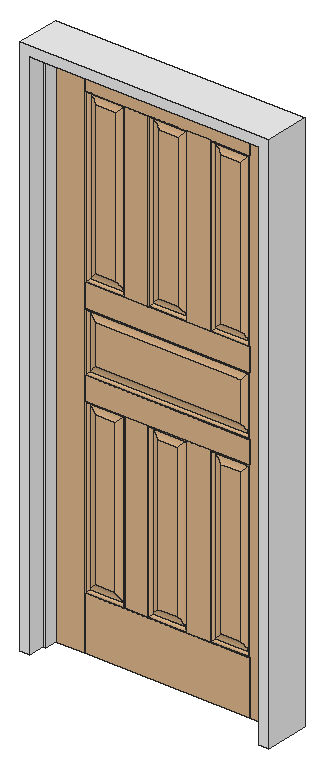
Revit family
Parameters (values of type "1 3/8" Raised Panel")
  URL = "http://www.karonadoor.com"
  Thickness Note = "Do not edit thickness."  # constant formula
  Thickness = 1.334"
  Swing Angle 2D = 90.00°
  SmartBIM Object Version = 1  # constant formula
  SmartBIM Object Created By = "Reed Construction Data"  # constant formula
  Rough Width = 0.000"
  Rough Height = 0.000"
  Panel = Panel_K3070_Karona : 1 3/8" - Raised Panel
  Model = "K3070 Ovolo"  # constant formula
  Manufacturer = "Karona , Inc."  # constant formula
  Detail Door Thickness = 1.375"
  Assembly Code = ""
  Top Rail Height = 5.000"
  Top Rail = Wood, Cherry - Grain Horizontal
  Stile Width = 5.063"
  Stile = Wood, Cherry - Grain Vertical
  Sticking = Wood, Cherry - Grain Vertical
  Middle Rail = Wood, Cherry - Grain Horizontal
  Height = 84.000"
  Wall Closure = (empty or 0)
  Width = 36.000"
  Frame = Metal
  Bottom Rail Height = 8.500"
  Bottom Rail = Wood, Cherry - Grain Horizontal
  95 CSI = "08210"  # constant formula
  04 CSI = "08 14 33"  # constant formula
Types (9): name | Thickness | Rough Height | Panel | Detail Door Thickness
  1 3/4" Flat Panel | 1.774" | 1.750" | Panel_K3070_Karona : 1 3/4" - Flat Panel | 1.750"
  1 3/8" Flat Panel | 1.334" | 0.000" | Panel_K3070_Karona : 1 3/8" - Flat Panel | 1.375"
  2 1/4" Flat Panel | 2.250" | 0.000" | Panel_K3070_Karona : 2 1/4" - Flat Panel | 2.250"
  1 3/4" Glass Panel | 1.774" | 1.750" | Panel_K3070_Karona : 1 3/4" - Glass Panel | 1.750"
  1 3/8" Glass Panel | 1.334" | 0.000" | Panel_K3070_Karona : 1 3/8" - Glass Panel | 1.375"
  2 1/4" Glass Panel | 2.250" | 0.000" | Panel_K3070_Karona : 2 1/4" - Glass Panel | 2.250"
  1 3/4" Raised Panel | 1.774" | 1.750" | Panel_K3070_Karona : 1 3/4" - Raised Panel | 1.750"
  1 3/8" Raised Panel | 1.334" | 0.000" | Panel_K3070_Karona : 1 3/8" - Raised Panel | 1.375"
  2 1/4" Raised Panel | 2.250" | 0.000" | Panel_K3070_Karona : 2 1/4" - Raised Panel | 2.250"
Reference planes (in)
  plane 1 "Center (Front/Back)": y = 0
  plane 2 "Center (Left/Right)": x = 0
  plane 3 "Left": x = -18
  plane 4 "Right": x = 18
  plane 5 "Top": z = 84
  plane 6 "Exterior Edge of Frame": y = 3.5
  plane 7 "Interior Edge of Frame": y = -3.5
  plane 8: y = 1
  plane 9: y = -1
  plane 10 "Opening Left": x = -19.5
  plane 11 "Opening Right": x = 19.5
  plane 12 "Top of Opening": z = 85.5
  plane 13: x = -17.5
Forms (in)
  Sweep 1, solid, material "Metal" <- "Frame"
    path origin (0, 0, 0) x (1, 0, 0) y (0, 0, 1)
      loop
        line (-19.5, 0) -> (-19.5, 85.5) -> (19.5, 85.5) -> (19.5, 0)
    profile origin (-19.5, 0, 42.75) x (-1, 0, 0) y (0, -1, 0)
      loop
        line (0, -3.5) -> (0, 3.5) -> (-1.5, 3.5) -> (-1.5, 1) -> (-2, 1) -> (-2, -1) -> (-1.5, -1) -> (-1.5, -3.5) -> (0, -3.5)
Lines and regions (in)
  Opening 1
    outline origin (-90, -3, 0) x (1, 0, 0) y (0, 0, 1)
      loop
        line (70.5, 0) -> (109.5, 0) -> (109.5, 85.5) -> (70.5, 85.5) -> (70.5, 0)
  symbolic lines, style "Elevation Swing"
    curve 1: line (18, 3, 0) -> (-18, 3, 42)
    curve 2: line (-18, 3, 42) -> (18, 3, 84)
Text (in)
  text "Exterior" at (-46.13199, 20.20143, 0), in view "Ref. Level"
  text "Interior" at (-46.13199, -10.56751, 0), in view "Ref. Level"
  text "Exterior" at (0, 40.15149, 123.01588), in view "Right"
  text "Interior" at (0, -64.39139, 123.01588), in view "Right"
  text "Interior" at (0, -31.01599, 123.00693), in view "Left"
  text "Exterior" at (0, 54.57065, 123.00693), in view "Left"
Dimensions and locks (in)
  "Height": level to plane 5 "Top"
  "Width": plane 3 "Left" to plane 4 "Right"
  equal spacing: host wall, curve 2, plane 5 "Top"
  locked: host wall to plane 7 "Interior Edge of Frame" at 0.5
  locked: plane 6 "Exterior Edge of Frame" to host wall at 0.5
  locked: plane 9 to plane 7 "Interior Edge of Frame" at 2.5
  locked: plane 6 "Exterior Edge of Frame" to plane 8 at 2.5
  equal spacing: plane 3 "Left", plane 2 "Center (Left/Right)", plane 4 "Right"
  locked: plane 4 "Right" to plane 11 "Opening Right" at 1.5
  locked: plane 5 "Top" to plane 12 "Top of Opening" at 1.5
  locked: plane 3 "Left" to plane 13 at 0.5
  locked: plane 10 "Opening Left" to plane 3 "Left" at 1.5
  aligned and locked: Opening 1 sketch curve to level
  aligned and locked: plane 4 "Right" to curve 1
  aligned and locked: plane 3 "Left" to curve 1
  aligned and locked: plane 5 "Top" to curve 2
  aligned and locked: Opening 1 sketch curve to plane 11 "Opening Right"
  aligned and locked: plane 12 "Top of Opening" to Opening 1 sketch curve
  aligned and locked: Opening 1 sketch curve to plane 10 "Opening Left"
  aligned and locked: plane 10 "Opening Left" to Sweep 1 sketch curve
  aligned and locked: plane 12 "Top of Opening" to Sweep 1 sketch curve
  aligned and locked: plane 11 "Opening Right" to Sweep 1 sketch curve
  aligned and locked: level to Sweep 1 sketch curve  (x2)
  aligned and locked: Sweep 1 sketch curve to plane 10 "Opening Left"
  aligned and locked: Sweep 1 sketch curve to plane 6 "Exterior Edge of Frame"
  aligned and locked: Sweep 1 sketch curve to plane 7 "Interior Edge of Frame"
  aligned and locked: Sweep 1 sketch curve to plane 8
  aligned and locked: Sweep 1 sketch curve to plane 9
  aligned and locked: plane 13 to Sweep 1 sketch curve
  aligned and locked: plane 3 "Left" to Sweep 1 sketch curve  (x2)
  aligned and locked: nested 1 to plane 2 "Center (Left/Right)"
  aligned and locked: nested 1 to plane 8
  aligned and locked: nested 2 to plane 3 "Left"
  aligned and locked: nested 2 to plane 8
Automatic sketch dimensions
  curve 1 to level = 0.000"
  curve 2 to plane 4 "Right" = 0.000"
Nested families (in)
  nested 1: "Panel_K3070_Karona" at (-13.5, 0.5595, 3.25) x (-1, 0, 0) z (0, 0, 1), type <- "Panel", type "1 3/8" - Raised Panel"
  nested 2: "Door Panel Plan View" at (-31.5, 1, 0) x (-1, 0, 0) z (0, 0, 1), type "Door Panel Plan View"
    with Thickness 1.375", Height 84.000"
Definition of nested family "Panel_K3070_Karona"
  Parameters (values of type "1 3/8" - Glass Panel")
    Width = 36.000"
    Top Rail Material = Wood, Cherry - Grain Horizontal
    Top Rail Height = 5.000"
    Top Panel Offset = Top Rail Height + Half Panel Height  # 18.4375"
    Thickness Note = "Do not change door thickness"  # constant formula
    Thickness = 1.334"
    Stile Width = 5.063"
    Stile Material = Wood, Cherry - Grain Vertical
    Sticking Material = Wood, Cherry - Grain Vertical
    Rough Height = 29.875"
    Panel Width = (Width - (2 * Stile Width) - (2 * Mullion Width)) / 3  # 6.208"
    Panel Height = Height - (Bottom Height + Mullion Width + Middle Panel Height + Mullion Width + Top Rail Height)  # 26.875"
    Panel = Glass-Sticking-Assembly-Ovolo_Karona : Glass Panel
    Mullion Width = 3.625"  # constant formula
    Middle Panel Width = Width - 2 * Stile Width  # 25.874"
    Middle Panel Height = 9.375"  # constant formula
    Interior Panel = Glass
    Height = 84.000"
    Half Panel Width = 0.5 * Panel Width  # 3.104"
    Half Panel Height = 0.5 * Panel Height  # 13.4375"
    Exterior Edge - Glass Bottom Offset = if(Thickness = 1.774", 0.567", if(Thickness = 2.250", 0.803", 0.469"))  # 0.469"
    Door Panel Material = Wood, Cherry - Grain Vertical
    Default Elevation = 0.000"  # constant formula
    Cross Rail and Panel Spacing Start = Half Panel Height + 0.5 * (3.625")  # 15.250"
    Cross Rail Panel Height = Panel Height + 3.625"  # 30.500"
    Bottom Rail Material = Wood, Cherry - Grain Horizontal
    Bottom Rail Height = 8.500"
    Bottom Panel Height = Bottom Height - Bottom Rail Height  # 27.000"
    Bottom Height = 35.500"
    Assembly Code = ""
  Types (9): name | Thickness | Panel | Interior Panel | Exterior Edge - Glass Bottom Offset
    2 1/4" - Flat Panel | 2.250" | Glass-Sticking-Assembly-Ovolo_Karona : Flat Panel | Wood, Cherry - Grain Vertical | 0.803"
    2 1/4" - Glass Panel | 2.250" | Glass-Sticking-Assembly-Ovolo_Karona : Glass Panel | Glass | 0.803"
    2 1/4" - Raised Panel | 2.250" | Glass-Sticking-Assembly-Ovolo_Karona : Raised Panel | Wood, Cherry - Grain Vertical | 0.803"
    1 3/4" - Raised Panel | 1.774" | Glass-Sticking-Assembly-Ovolo_Karona : Raised Panel | Wood, Cherry - Grain Vertical | 0.567"
    1 3/4" - Flat Panel | 1.774" | Glass-Sticking-Assembly-Ovolo_Karona : Flat Panel | Wood, Cherry - Grain Vertical | 0.567"
    1 3/4" - Glass Panel | 1.774" | Glass-Sticking-Assembly-Ovolo_Karona : Glass Panel | Glass | 0.567"
    1 3/8" - Raised Panel | 1.334" | Glass-Sticking-Assembly-Ovolo_Karona : Raised Panel | Wood, Cherry - Grain Vertical | 0.469"
    1 3/8" - Glass Panel | 1.334" | Glass-Sticking-Assembly-Ovolo_Karona : Glass Panel | Glass | 0.469"
    1 3/8" - Flat Panel | 1.334" | Glass-Sticking-Assembly-Ovolo_Karona : Flat Panel | Wood, Cherry - Grain Vertical | 0.469"
  Reference planes (in)
    plane 1 "Center (Front/Back)": y = 1.1075
    plane 2: z = -3.25
    plane 3 "Center (Left/Right)": x = -13.5
    plane 4 "Left": x = -31.5
    plane 5: x = 4.5
    plane 6 "Inner Left": x = -26.437
    plane 7 "Inner Right": x = -0.563
    plane 8: z = 5.25
    plane 9 "Bottom Of Top Rail": z = 75.75
    plane 10 "Top": z = 80.75
    plane 11 "Interior Edge of Door": y = 1.7745
    plane 12: z = 75.75
    plane 13 "Exterior Edge of Door": y = 0.4405
    plane 14 "Bottom of Glass": y = 0.9095
    plane 15 "Left Panel Vertical Midline": x = -23.333
    plane 16 "Right Panel Vertical Midline": x = -3.667
    plane 17 "Center of Left Vertical Mullion": x = -18.4165
    plane 18 "Center of Right Vertical Mullion": x = -8.5835
    plane 19: z = 48.875
    plane 20: z = 32.25
    plane 21: z = 45.25
    plane 22: z = 62.3125
    plane 23: z = 18.75
    plane 24: z = 35.875
    plane 25: z = 40.5625
  Forms (in)
    Extrusion 1, solid, material "Wood, Cherry - Grain Horizontal" <- "Bottom Rail Material"
      sketch origin (0, -101.3125, 0) x (1, 0, 0) y (0, 0, 1)
        loop
          line (-26.437, -3.25) -> (-0.563, -3.25) -> (-0.563, 5.25) -> (-26.437, 5.25) -> (-26.437, -3.25)
      from -103.087 to -101.753
    Extrusion 2, solid, material "Wood, Cherry - Grain Vertical" <- "Stile Material"
      sketch origin (0, 1.1075, 0) x (1, 0, 0) y (0, 0, 1)
        loop
          line (-31.5, 80.75) -> (-31.5, -3.25) -> (-26.437, -3.25) -> (-26.437, 80.75) -> (-31.5, 80.75)
        loop
          line (-0.563, -3.25) -> (4.5, -3.25) -> (4.5, 80.75) -> (-0.563, 80.75) -> (-0.563, -3.25)
      from -0.667 to 0.667
    Extrusion 3, solid, material "Wood, Cherry - Grain Horizontal" <- "Top Rail Material"
      sketch origin (0, 1.1075, 0) x (1, 0, 0) y (0, 0, 1)
        loop
          line (-26.437, 80.75) -> (-26.437, 75.75) -> (-0.563, 75.75) -> (-0.563, 80.75) -> (-26.437, 80.75)
      from -0.667 to 0.667
    Extrusion 4, solid, material "Wood, Cherry - Grain Vertical" <- "Stile Material"
      sketch origin (0, 1.1075, 0) x (1, 0, 0) y (0, 0, 1)
        loop
          line (-20.229, 5.25) -> (-16.604, 5.25) -> (-16.604, 32.25) -> (-20.229, 32.25) -> (-20.229, 5.25)
        loop
          line (-20.229, 75.75) -> (-20.229, 48.875) -> (-16.604, 48.875) -> (-16.604, 75.75) -> (-20.229, 75.75)
        loop
          line (-10.396, 5.25) -> (-6.771, 5.25) -> (-6.771, 32.25) -> (-10.396, 32.25) -> (-10.396, 5.25)
        loop
          line (-10.396, 75.75) -> (-10.396, 48.875) -> (-6.771, 48.875) -> (-6.771, 75.75) -> (-10.396, 75.75)
      from -0.667 to 0.667
    Extrusion 5, solid, material "Wood, Cherry - Grain Horizontal" <- "Top Rail Material"
      sketch origin (0, 1.1075, 0) x (1, 0, 0) y (0, 0, 1)
        loop
          line (-0.563, 32.249) -> (-0.563, 35.875) -> (-26.437, 35.875) -> (-26.437, 32.249) -> (-0.563, 32.249)
        loop
          line (-0.563, 45.25) -> (-0.563, 48.876) -> (-26.437, 48.876) -> (-26.437, 45.25) -> (-0.563, 45.25)
      from -0.667 to 0.667
  Text (in)
    text "EXTERIOR" at (-34.59289, -1.27941, 0), in view "Ref. Level"
    text "EXTERIOR" at (0, -9.65287, 72.76687), in view "Left"
    text "EXTERIOR" at (0, -33.33473, 96.68074), in view "Right"
  Dimensions and locks (in)
    equal spacing: plane 4 "Left", plane 3 "Center (Left/Right)", plane 5
    "Width": plane 4 "Left" to plane 5
    "Stile Width": plane 4 "Left" to plane 6 "Inner Left"
    "Stile Width": plane 5 to plane 7 "Inner Right"
    "Bottom Rail Height": plane 8 to plane 2
    "Top Rail Height": plane 10 "Top" to plane 9 "Bottom Of Top Rail"
    "Height": plane 10 "Top" to plane 2
    equal spacing: plane 11 "Interior Edge of Door", plane 1 "Center (Front/Back)", plane 13 "Exterior Edge of Door"
    "Thickness": plane 11 "Interior Edge of Door" to plane 13 "Exterior Edge of Door"
    "Exterior Edge - Glass Bottom Offset": plane 14 "Bottom of Glass" to plane 13 "Exterior Edge of Door"
    "Exterior Edge - Glass Bottom Offset": plane 13 "Exterior Edge of Door" to plane 14 "Bottom of Glass"
    "Half Panel Width": plane 15 "Left Panel Vertical Midline" to plane 6 "Inner Left"
    "Half Panel Width": plane 7 "Inner Right" to plane 16 "Right Panel Vertical Midline"
    equal spacing: plane 3 "Center (Left/Right)", plane 17 "Center of Left Vertical Mullion", plane 15 "Left Panel Vertical Midline"
    locked: Extrusion 4 sketch curve to plane 17 "Center of Left Vertical Mullion" at 1.8125
    equal spacing: plane 16 "Right Panel Vertical Midline", plane 18 "Center of Right Vertical Mullion", plane 3 "Center (Left/Right)"
    locked: Extrusion 4 sketch curve to plane 18 "Center of Right Vertical Mullion" at 1.8125
    Extrusion 5 sketch curve to Extrusion 5 sketch curve = 3.626"  (x2)
    locked: Extrusion 5 sketch curve to Extrusion 5 sketch curve at 3.626  (x2)
    equal spacing: plane 12, plane 22, plane 19
    "Mullion Width": plane 24 to plane 20
    "Mullion Width": plane 19 to plane 21
    equal spacing: plane 21, plane 25, plane 24
    "Panel Height": plane 12 to plane 19
    plane 19 to level = 52.125"
    "Bottom Panel Height": plane 20 to plane 8
    equal spacing: plane 20, plane 23, plane 8
    aligned and locked: Extrusion 1 to plane 2
    aligned and locked: plane 11 "Interior Edge of Door" to Extrusion 1
    aligned and locked: plane 4 "Left" to Extrusion 2 sketch curve
    aligned and locked: Extrusion 2 sketch curve to plane 10 "Top"
    aligned and locked: Extrusion 2 sketch curve to Extrusion 1  (x3)
    aligned and locked: Extrusion 1 to Extrusion 2 sketch curve
    aligned and locked: plane 10 "Top" to Extrusion 2 sketch curve
    aligned and locked: plane 5 to Extrusion 2 sketch curve
    aligned and locked: plane 11 "Interior Edge of Door" to Extrusion 2
    aligned and locked: Extrusion 2 to Extrusion 3 sketch curve
    aligned and locked: Extrusion 3 sketch curve to Extrusion 2
    aligned and locked: plane 11 "Interior Edge of Door" to Extrusion 3
    aligned and locked: plane 12 to plane 9 "Bottom Of Top Rail"
    aligned and locked: Extrusion 3 to plane 13 "Exterior Edge of Door"
    aligned and locked: Extrusion 3 to plane 11 "Interior Edge of Door"
    aligned and locked: Extrusion 2 to plane 13 "Exterior Edge of Door"
    aligned and locked: Extrusion 3 to plane 12
    aligned and locked: Extrusion 1 to Extrusion 2
    aligned and locked: nested 1 to plane 1 "Center (Front/Back)"
    aligned and locked: Extrusion 4 sketch curve to plane 12  (x2)
    aligned and locked: Extrusion 4 sketch curve to plane 8  (x2)
    aligned and locked: plane 11 "Interior Edge of Door" to Extrusion 4
    aligned and locked: Extrusion 4 to plane 13 "Exterior Edge of Door"
    aligned and locked: plane 11 "Interior Edge of Door" to Extrusion 5
    aligned and locked: Extrusion 5 to plane 13 "Exterior Edge of Door"
    aligned and locked: plane 15 "Left Panel Vertical Midline" to nested 1
    aligned and locked: nested 2 to plane 15 "Left Panel Vertical Midline"
    aligned and locked: plane 3 "Center (Left/Right)" to nested 3
    aligned and locked: plane 16 "Right Panel Vertical Midline" to nested 4
    aligned and locked: plane 3 "Center (Left/Right)" to nested 5
    aligned and locked: nested 6 to plane 16 "Right Panel Vertical Midline"
    aligned and locked: plane 22 to nested 1
    aligned and locked: plane 22 to nested 3
    aligned and locked: plane 22 to nested 4
    aligned and locked: Extrusion 4 sketch curve to plane 19
    aligned and locked: plane 19 to Extrusion 4 sketch curve
    aligned and locked: Extrusion 4 sketch curve to plane 20  (x2)
    aligned and locked: plane 21 to Extrusion 5
    aligned and locked: plane 3 "Center (Left/Right)" to nested 7
    aligned and locked: Extrusion 5 sketch curve to plane 24
    aligned and locked: level to plane 2
    aligned and locked: plane 25 to nested 7
    aligned and locked: plane 23 to nested 5
    aligned and locked: plane 23 to nested 2
    aligned and locked: nested 7 to plane 1 "Center (Front/Back)"
    aligned and locked: nested 2 to plane 14 "Bottom of Glass"
    aligned and locked: nested 5 to plane 14 "Bottom of Glass"
    aligned and locked: nested 6 to plane 14 "Bottom of Glass"
    aligned and locked: plane 23 to nested 6
  Automatic sketch dimensions
    Extrusion 1 sketch curve to plane 6 "Inner Left" = 0.000"
    Extrusion 1 sketch curve to plane 7 "Inner Right" = 0.000"
    Extrusion 1 sketch curve to level = 0.000"
    Extrusion 1 sketch curve to plane 8 = 0.000"
    Extrusion 3 sketch curve to plane 7 "Inner Right" = 0.000"
    plane 9 "Bottom Of Top Rail" to Extrusion 3 sketch curve = 0.000"
    Extrusion 5 sketch curve to plane 6 "Inner Left" = 0.000"  (x2)
    Extrusion 5 sketch curve to plane 7 "Inner Right" = 0.000"  (x2)
    Extrusion 5 sketch curve to Extrusion 5 sketch curve = 9.375"
    Extrusion 4 sketch curve to plane 17 "Center of Left Vertical Mullion" = 1.8125"  (x2)
    plane 17 "Center of Left Vertical Mullion" to Extrusion 4 sketch curve = 1.8125"
    Extrusion 4 sketch curve to plane 18 "Center of Right Vertical Mullion" = 1.8125"  (x2)
    plane 18 "Center of Right Vertical Mullion" to Extrusion 4 sketch curve = 1.8125"
  Nested families (in)
    nested 1: "Glass-Sticking-Assembly-Ovolo_Karona" at (-23.80175, 1.38, 48.875), Width <- "Panel Width", Height <- "Panel Height", type <- "Panel", type "Glass Panel"
      with Width 6.208", Height 26.875"
    nested 2: "Glass-Sticking-Assembly-Ovolo_Karona" at (-23.80175, 1.38, 5.25), Width <- "Panel Width", Height <- "Bottom Panel Height", type <- "Panel", type "Glass Panel"
      with Width 6.208", Height 27.000"
    nested 3: "Glass-Sticking-Assembly-Ovolo_Karona" at (-13.96875, 1.504, 48.875), Width <- "Panel Width", Height <- "Panel Height", type <- "Panel", type "Glass Panel"
      with Width 6.208", Height 26.875"
    nested 4: "Glass-Sticking-Assembly-Ovolo_Karona" at (-4.13575, 1.504, 48.875), Width <- "Panel Width", Height <- "Panel Height", type <- "Panel", type "Glass Panel"
      with Width 6.208", Height 26.875"
    nested 5: "Glass-Sticking-Assembly-Ovolo_Karona" at (-13.96875, 1.38, 5.25), Width <- "Panel Width", Height <- "Bottom Panel Height", type <- "Panel", type "Glass Panel"
      with Width 6.208", Height 27.000"
    nested 6: "Glass-Sticking-Assembly-Ovolo_Karona" at (-4.13575, 1.38, 5.25), Width <- "Panel Width", Height <- "Bottom Panel Height", type <- "Panel", type "Glass Panel"
      with Width 6.208", Height 27.000"
    nested 7: "Glass-Sticking-Assembly-Ovolo_Karona" at (-13.96875, 1.38, 35.875), Width <- "Middle Panel Width", Height <- "Middle Panel Height", type <- "Panel", type "Glass Panel"
      with Width 25.874", Height 9.375"
  Definition of nested family "Glass-Sticking-Assembly-Ovolo_Karona"
    Parameters (values of type "Flat Panel")
      Width [instance] = 4.500"
      Vertical Profile Offset = if(Glass Panel, 0.473", 0.050")  # 0.050"
      Stop Adjustment = if(and(not(Glass Panel), Door Thickness = 1.774"), 0.513", if(and(not(Glass Panel), Door Thickness = 2.250"), 0.513", if((Glass Panel), 0.125", 0.273")))  # 0.273"
      Profile = Wood, Cherry - Grain Vertical
      Height [instance] = 23.000"
      Raised Panel = no
      Interior Panel = Glass
      Glass Panel = no
      Door Thickness = 1.334"
      C = if(Door Thickness = 1.774", 0.197", if(Door Thickness = 2.250", 0.437", 0.106"))  # 0.106"
      B = if(Door Thickness = 1.774", 0.567", if(Door Thickness = 2.250", 0.803", 0.469"))  # 0.469"
      Assembly Code = ""
      A = if(Door Thickness = 1.774", 0.195", if(Door Thickness = 2.250", 0.431", 0.108"))  # 0.108"
    Types (3): name | Width | Vertical Profile Offset | Stop Adjustment | Raised Panel | Glass Panel
      Glass Panel | 5.000" | 0.473" | 0.125" | no | yes
      Flat Panel | 4.500" | 0.050" | 0.273" | no | no
      Raised Panel | 4.000" | 0.050" | 0.273" | yes | no
    Reference planes (in)
      plane 1 "Stop Adjustment Edge": y = -0.3455
      plane 2: z = 0
      plane 3 "Center (Left/Right)": x = 0.46875
      plane 4 "Back": y = 0.3945
      plane 5 "Front": y = -0.9395
      plane 6 "Left": x = -1.78125
      plane 7 "Right": x = 2.71875
      plane 8 "Top": z = 23
      plane 9 "Center (Up/Down)": z = 11.5
      plane 10 "Bottom of Stop": y = -0.0725
      plane 11 "Bottom of Glass": y = -0.4705
      plane 12 "Right Edge of Glass": x = 2.66875
      plane 13 "Left Edge of Glass": x = -1.73125
      plane 14 "Top Edge of Glass": z = 22.90625
      plane 15 "Bottom Edge of Glass": z = 0.09375
      plane 16: x = 2.59375
      plane 17 "A": y = -0.8315
      plane 18 "C": y = 0.2885
      plane 19 "Bottom Cut Line": z = 0.438
      plane 20 "Top Cut Line": z = 22.562
      plane 21 "Cut Vertical Left": x = -1.34325
      plane 22 "Cut Vertical": x = 2.28075
      plane 23 "Center (Front/Back)": y = -0.2725
    Forms (in)
      Sweep 1, solid, material "Wood, Cherry - Grain Vertical" <- "Profile"
        path origin (0, -0.3455, 0) x (1, 0, 0) y (0, 0, 1)
          loop
            line (2.71875, 23) -> (-1.78125, 23) -> (-1.78125, 0) -> (2.71875, 0) -> (2.71875, 23)
        profile origin (2.71875, -0.3455, 11.5) x (0, -1, 0) y (1, 0, 0)
          loop
            line (-0.634, 0) -> (-0.634, -0.438) -> (-0.273, -0.438) -> (-0.273, -0.05) -> (0.125, -0.05) -> (0.125, -0.44588)
            arc (0.125, -0.44588) -> (0.40126, -0.29929) -> (0.492, 0) r 0.40707
            line (0.492, 0) -> (-0.634, 0)
      Extrusion 2, solid, material "Glass" <- "Interior Panel"
        sketch origin (0, 0, 0) x (1, 0, 0) y (0, 1, 0)
          loop
            line (-1.73125, -0.0725) -> (-1.73125, -0.4705) -> (2.66875, -0.4705) -> (2.66875, -0.0725) -> (-1.73125, -0.0725)
        from 0.09375 to 22.90625
      Extrusion 3, solid, material "Wood, Cherry - Grain Vertical" <- "Profile", visible <- "Raised Panel"
        sketch origin (0, 0, 0) x (1, 0, 0) y (0, 1, 0)
          loop
            line (2.28075, 0.2885) -> (-1.34325, 0.2885) -> (-1.34325, -0.0725) -> (2.28075, -0.0725) -> (2.28075, 0.2885)
          loop
            line (-1.34325, -0.4705) -> (-1.34325, -0.8315) -> (2.28075, -0.8315) -> (2.28075, -0.4705) -> (-1.34325, -0.4705)
        from 0.438 to 22.562
      Sweep 4, void
        path origin (0, -0.0725, 0) x (-1, 0, 0) y (0, 0, 1)
          loop
            line (1.78125, 0) -> (1.78125, 23) -> (-2.71875, 23) -> (-2.71875, 0) -> (1.78125, 0)
        profile "Profile : 05" origin (-1.78125, -0.0725, 11.5) x (1, 0, 0) y (0, 1, 0)
          loop
            line (0, 0.05) -> (0.36169, 0.05096)
            arc (0.36169, 0.05096) -> (1.01257, 0.13642) -> (1.61934, 0.387) r 2.52143
            line (1.61934, 0.387) -> (0, 0.387) -> (0, 0.05)
      Sweep 5, void
        path origin (0, -0.4705, 0) x (-1, 0, 0) y (0, 0, 1)
          loop
            line (-2.71875, 23) -> (-2.71875, 0) -> (1.78125, 0) -> (1.78125, 23) -> (-2.71875, 23)
        profile "Profile : 05" origin (2.71875, -0.4705, 11.5) x (-1, 0, 0) y (0, 1, 0)
          loop
            line (0, -0.05) -> (0, -0.387) -> (1.61934, -0.387)
            arc (1.61934, -0.387) -> (1.01257, -0.13642) -> (0.36169, -0.05096) r 2.52143
            line (0.36169, -0.05096) -> (0, -0.05)
      Sweep 6, void
        path origin (0, 0.2885, 0) x (1, 0, 0) y (0, 0, 1)
          loop
            line (-1.34325, 0.438) -> (2.28075, 0.438) -> (2.28075, 22.562) -> (-1.34325, 22.562) -> (-1.34325, 0.438)
        profile "QuarterCircleCut : QuarterCircleCut" origin (2.28075, 0.2885, 11.5) x (-1, 0, 0) y (0, -1, 0)
          loop
            arc (0.35, 0) -> (0.10251, 0.10251) -> (0, 0.35) r 0.35
            line (0, 0.35) -> (0, 0) -> (0.35, 0)
    Cuts and joins
      Sweep 4, Sweep 5 cuts Extrusion 3
      Sweep 6 cuts Sweep 1
    Text (in)
      text "INTERIOR" at (-14.3788, 3.49864, 0), in view "Ref. Level"
    Dimensions and locks (in)
      equal spacing: plane 6 "Left", plane 3 "Center (Left/Right)", plane 7 "Right"
      "Width": plane 6 "Left" to plane 7 "Right"
      "Door Thickness": plane 4 "Back" to plane 5 "Front"
      "Height": plane 8 "Top" to plane 2
      equal spacing: plane 8 "Top", plane 9 "Center (Up/Down)", level
      locked: plane 1 "Stop Adjustment Edge" to plane 11 "Bottom of Glass" at 0.125
      "Stop Adjustment": plane 10 "Bottom of Stop" to plane 1 "Stop Adjustment Edge"
      locked: plane 12 "Right Edge of Glass" to plane 7 "Right" at 0.05
      locked: plane 8 "Top" to plane 14 "Top Edge of Glass" at 0.09375
      locked: plane 15 "Bottom Edge of Glass" to level at 0.09375
      locked: plane 6 "Left" to plane 13 "Left Edge of Glass" at 0.05
      "B": plane 5 "Front" to plane 11 "Bottom of Glass"
      locked: plane 16 to plane 7 "Right" at 0.125
      "A": plane 5 "Front" to plane 17 "A"
      "C": plane 18 "C" to plane 4 "Back"
      plane 4 "Back" to Sweep 1 = 0.467"
      locked: plane 19 "Bottom Cut Line" to level at 0.438
      locked: plane 8 "Top" to plane 20 "Top Cut Line" at 0.438
      locked: plane 6 "Left" to plane 21 "Cut Vertical Left" at 0.438
      locked: plane 22 "Cut Vertical" to plane 7 "Right" at 0.438
      equal spacing: plane 4 "Back", plane 23 "Center (Front/Back)", plane 5 "Front"
      aligned and locked: Sweep 1 sketch curve to plane 7 "Right"
      aligned and locked: Sweep 1 sketch curve to plane 8 "Top"
      aligned and locked: Sweep 1 sketch curve to plane 6 "Left"
      aligned and locked: Sweep 1 sketch curve to level
      aligned and locked: plane 10 "Bottom of Stop" to Sweep 1 sketch curve
      aligned and locked: plane 11 "Bottom of Glass" to Sweep 1 sketch curve
      aligned and locked: Extrusion 2 sketch curve to plane 13 "Left Edge of Glass"
      aligned and locked: Extrusion 2 sketch curve to plane 10 "Bottom of Stop"
      aligned and locked: Extrusion 2 sketch curve to plane 11 "Bottom of Glass"
      aligned and locked: Extrusion 2 sketch curve to plane 12 "Right Edge of Glass"
      aligned and locked: plane 14 "Top Edge of Glass" to Extrusion 2
      aligned and locked: Extrusion 2 to plane 15 "Bottom Edge of Glass"
      aligned and locked: Extrusion 3 sketch curve to plane 18 "C"
      aligned and locked: Extrusion 3 sketch curve to plane 10 "Bottom of Stop"
      aligned and locked: Extrusion 3 sketch curve to plane 11 "Bottom of Glass"
      aligned and locked: Extrusion 3 sketch curve to plane 17 "A"
      aligned and locked: Extrusion 3 to plane 19 "Bottom Cut Line"
      aligned and locked: Extrusion 3 to plane 20 "Top Cut Line"
      aligned and locked: plane 12 "Right Edge of Glass" to Sweep 1 sketch curve
      aligned and locked: plane 22 "Cut Vertical" to Extrusion 3 sketch curve  (x2)
      aligned and locked: Extrusion 3 sketch curve to plane 21 "Cut Vertical Left"  (x2)
      aligned and locked: plane 22 "Cut Vertical" to Sweep 1 sketch curve
      aligned and locked: Sweep 5 sketch curve to plane 6 "Left"
      aligned and locked: plane 8 "Top" to Sweep 5 sketch curve
      aligned and locked: Sweep 5 sketch curve to plane 7 "Right"
      aligned and locked: level to Sweep 5 sketch curve
      aligned and locked: Sweep 4 sketch curve to plane 7 "Right"
      aligned and locked: plane 8 "Top" to Sweep 4 sketch curve
      aligned and locked: Sweep 4 sketch curve to plane 6 "Left"
      aligned and locked: level to Sweep 4 sketch curve
      aligned and locked: plane 18 "C" to Sweep 1 sketch curve
      aligned and locked: Sweep 6 sketch curve to plane 21 "Cut Vertical Left"
      aligned and locked: plane 22 "Cut Vertical" to Sweep 6 sketch curve
      aligned and locked: Sweep 6 sketch curve to plane 19 "Bottom Cut Line"
      aligned and locked: plane 20 "Top Cut Line" to Sweep 6 sketch curve
    Automatic sketch dimensions
      Sweep 1 sketch curve to Sweep 1 sketch curve = 0.03804"
      Sweep 1 sketch curve to Sweep 1 sketch curve = 0.367"
      plane 16 to Sweep 1 sketch curve = 0.32088"
      Sweep 1 sketch curve to profile plane = 0.000"
Definition of nested family "Door Panel Plan View"
  Parameters (values of type "Door Panel Plan View")
    Width = 36.000"
    Thickness = 2.000"
    Swing Angle 2D = 90.00°
    Height = 0.000"
    Assembly Code = ""
  Reference planes (in)
    plane 1 "Center (Front/Back)": y = 0
    plane 2: z = 0
    plane 3 "Center (Left/Right)": x = -13.5
  Lines and regions (in)
    symbolic lines, style "DoorsPanelProjection"
      curve 1: line (-13.5, 0, 0) -> (-13.5, 36, 0)
      curve 2: line (-15.5, 0, 0) -> (-15.5, 36, 0)
      curve 3: line (-13.5, 0, 0) -> (-15.5, 0, 0)
      curve 4: line (-13.5, 36, 0) -> (-15.5, 36, 0)
    symbolic lines, style "Plan Swing"
      curve 5: arc (-13.5, 36, 0) -> (-38.95584, 25.45584, 0) -> (-49.5, 0, 0) r 36
  Dimensions and locks (in)
    "Width": curve 4 to curve 3
    "Thickness": curve 1 to curve 2
    "Swing Angle 2D": angle curve 1 to plane 1 "Center (Front/Back)"
    aligned and locked: plane 1 "Center (Front/Back)" to curve 5
  Automatic sketch dimensions
    curve 3 to plane 1 "Center (Front/Back)" = 0.000"
    curve 5 to plane 3 "Center (Left/Right)" = 0.000"
    curve 3 to plane 3 "Center (Left/Right)" = 0.000"
